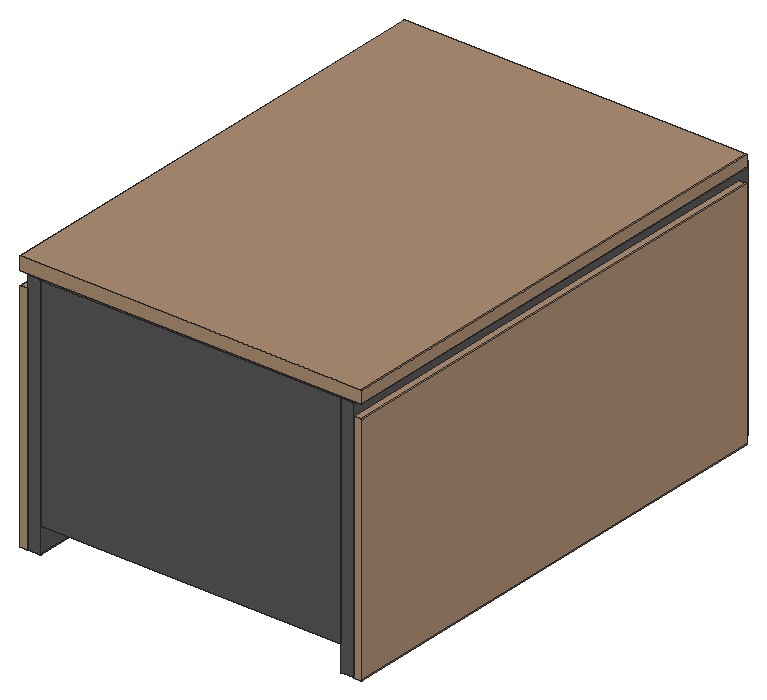
Revit family "Sanitary_Compound-Units_hansgrohe_54246XXX-Xilesa-E-Vanity-unit_430-330_handrise-basin_hinge-right", category Furniture, host Face, Revit 2022
Family settings
  Host = Face
  OmniClass Number = 23.21.19.15.33.13
  OmniClass Title = Residential Bathroom Specialty Casework
  Cut with Voids When Loaded = No
  Render Appearance Source = Family Geometry
  Shared = No
  Room Calculation Point = No
Parameters (values of type "550 Cashmere Oak")
  Version = 1  # constant formula
  URL = "https://www.hansgrohe.com/"
  Product data url = "https://www.bimobject.com/en/hansgrohe/product/54246XXX"
  Product Page URL = "https://www.hansgrohe.com/articledetail--54246550"
  Model = "54246XXX"  # constant formula
  Material 3 = Hansgrohe - Metal - Black
  Material 2 = Hansgrohe - MDF - Matt Black
  Material 1 = Hansgrohe - MDF - 550 Cashmere Oak
  Manufacturer = "Hansgrohe"  # constant formula
  Height = 0 mm
  Description = "Xilesa E Vanity unit 430/330 for handrinse basin, door hinge right"  # constant formula
  Default Elevation = 0 mm
  Date Updated = ""
  Date Created = "2024/02/03"  # constant formula
Types (5, lengths in mm): name | Material 1
  (no name) | Hansgrohe - MDF - 550 Cashmere Oak
  550 Cashmere Oak | Hansgrohe - MDF - 550 Cashmere Oak
  700 Matt White | Hansgrohe - MDF - 700 Matt White
  760 Slate Matt Grey | Hansgrohe - MDF - 760 Slate Matt Grey
  780 Sand Matt Beige | Hansgrohe - MDF - 780 Sand Matt Beige
Reference planes
  plane 1 "Center (Front/Back)": y = 0
  plane 2: z = 0
  plane 3 "Center (Left/Right)": x = 0
  plane 4: x = 215
  plane 5: x = -215
  plane 6: y = -620
  plane 7: z = 329
Dimensions and locks
  aligned and locked: plane 2 to host face
  aligned and locked: level to host face
Nested families
  nested 1: "54246XXX" at (0, -620, 0) x (1, 0, 0) z (0, 1, 0), Material 1 <- "Material 1", Material 2 <- "Material 2", Material 3 <- "Material 3", type "54246XXX"
    with Material 3 Hansgrohe - Metal - Black, Material 2 Hansgrohe - MDF - Matt Black, Material 1 Hansgrohe - MDF - 550 Cashmere Oak
Definition of nested family "54246XXX"
  Parameters (values of type "54246XXX")
    Version = 1  # constant formula
    URL = "https://www.hansgrohe.com/"
    Product data url = "https://www.bimobject.com/en/hansgrohe/product/54246XXX"
    Product Page URL = "https://www.hansgrohe.com/articledetail--54246550"
    Model = "54246XXX"  # constant formula
    Material 3 [instance] = none
    Material 2 [instance] = none
    Material 1 [instance] = none
    Manufacturer = "Hansgrohe"  # constant formula
    Description = "Xilesa E Vanity unit 430/330 for handrinse basin, door hinge right"  # constant formula
    Default Elevation = 1219.2 mm
    Date Updated = ""
    Date Created = "2024/12/16"  # constant formula
  Reference planes
    plane 1 "Center (Front/Back)": y = 0
    plane 2: z = 0
    plane 3 "Center (Left/Right)": x = 0
  Forms (mm)
    Extrusion 1, solid, material <- "Material 1", detail levels medium+fine
      sketch origin (0, 0, 0) x (1, 0, 0) y (0, 1, 0)
        loop
          line (-205.6, 0) -> (-214.2, 0)
          arc (-214.2, 0) -> (-214.766, -0.234) -> (-215, -0.8) r 0.8
          line (-215, -0.8) -> (-215, -293.9)
          arc (-215, -293.9) -> (-214.766, -294.466) -> (-214.2, -294.7) r 0.8
          line (-214.2, -294.7) -> (-205.6, -294.7)
          arc (-205.6, -294.7) -> (-205.034, -294.466) -> (-204.8, -293.9) r 0.8
          line (-204.8, -293.9) -> (-204.8, -0.8)
          arc (-204.8, -0.8) -> (-205.034, -0.234) -> (-205.6, 0) r 0.8
        loop
          arc (205.6, 0) -> (205.034, -0.234) -> (204.8, -0.8) r 0.8
          line (204.8, -0.8) -> (204.8, -293.9)
          arc (204.8, -293.9) -> (205.034, -294.466) -> (205.6, -294.7) r 0.8
          line (205.6, -294.7) -> (214.2, -294.7)
          arc (214.2, -294.7) -> (214.766, -294.466) -> (215, -293.9) r 0.8
          line (215, -293.9) -> (215, -0.8)
          arc (215, -0.8) -> (214.766, -0.234) -> (214.2, 0) r 0.8
          line (214.2, 0) -> (205.6, 0)
      from 0 to 605
    Extrusion 2, solid, material <- "Material 1", detail levels medium+fine
      sketch origin (0, 0, 0) x (1, 0, 0) y (0, 1, 0)
        loop
          line (-214.2, -328) -> (214.2, -328)
          arc (214.2, -328) -> (214.766, -327.766) -> (215, -327.2) r 0.8
          line (215, -327.2) -> (215, -312.5)
          arc (215, -312.5) -> (214.766, -311.934) -> (214.2, -311.7) r 0.8
          line (214.2, -311.7) -> (-214.2, -311.7)
          arc (-214.2, -311.7) -> (-214.766, -311.934) -> (-215, -312.5) r 0.8
          line (-215, -312.5) -> (-215, -327.2)
          arc (-215, -327.2) -> (-214.766, -327.766) -> (-214.2, -328) r 0.8
      from 0 to 605
    Extrusion 3, solid, material <- "Material 2", detail levels medium+fine
      sketch origin (0, 0, 0) x (1, 0, 0) y (0, 1, 0)
        loop
          line (-204.8, -0.8) -> (-204.8, -308.9)
          arc (-204.8, -308.9) -> (-204.566, -309.466) -> (-204, -309.7) r 0.8
          line (-204, -309.7) -> (-189.6, -309.7)
          arc (-189.6, -309.7) -> (-189.034, -309.466) -> (-188.8, -308.9) r 0.8
          line (-188.8, -308.9) -> (-188.8, -0.8)
          arc (-188.8, -0.8) -> (-189.034, -0.234) -> (-189.6, 0) r 0.8
          line (-189.6, 0) -> (-204, 0)
          arc (-204, 0) -> (-204.566, -0.234) -> (-204.8, -0.8) r 0.8
        loop
          arc (204.8, -0.8) -> (204.566, -0.234) -> (204, 0) r 0.8
          line (204, 0) -> (189.6, 0)
          arc (189.6, 0) -> (189.034, -0.234) -> (188.8, -0.8) r 0.8
          line (188.8, -0.8) -> (188.8, -308.9)
          arc (188.8, -308.9) -> (189.034, -309.466) -> (189.6, -309.7) r 0.8
          line (189.6, -309.7) -> (204, -309.7)
          arc (204, -309.7) -> (204.566, -309.466) -> (204.8, -308.9) r 0.8
          line (204.8, -308.9) -> (204.8, -0.8)
      from 0 to 620
    Extrusion 4, solid, material <- "Material 2", detail levels fine
      sketch origin (0, 0, 0) x (1, 0, 0) y (0, 1, 0)
        loop
          line (-188.8, -32.2) -> (-188.8, -48.2) -> (188.8, -48.2) -> (188.8, -32.2) -> (-188.8, -32.2)
      from 17 to 125.5
    Extrusion 5, solid, material <- "Material 2", detail levels fine
      sketch origin (0, 0, 0) x (1, 0, 0) y (0, 1, 0)
        loop
          line (-188.8, -32.2) -> (-188.8, -309.2) -> (188.8, -309.2) -> (188.8, -32.2) -> (-188.8, -32.2)
      from 0 to 17
    Extrusion 6, solid, material <- "Material 3", detail levels fine
      sketch origin (0, 0, 0) x (1, 0, 0) y (0, 1, 0)
        loop
          line (-187.3, -306.9) -> (-187.3, -279.2) -> (-188.8, -279.2) -> (-188.8, -306.9)
          arc (-188.8, -306.9) -> (-188.126, -308.526) -> (-186.5, -309.2) r 2.3
          line (-186.5, -309.2) -> (186.5, -309.2)
          arc (186.5, -309.2) -> (188.126, -308.526) -> (188.8, -306.9) r 2.3
          line (188.8, -306.9) -> (188.8, -279.2) -> (187.3, -279.2) -> (187.3, -306.9)
          arc (187.3, -306.9) -> (187.066, -307.466) -> (186.5, -307.7) r 0.8
          line (186.5, -307.7) -> (-186.5, -307.7)
          arc (-186.5, -307.7) -> (-187.066, -307.466) -> (-187.3, -306.9) r 0.8
      from 569.5 to 619.5
    Extrusion 7, solid, material <- "Material 1", detail levels coarse
      sketch origin (0, 0, 0) x (1, 0, 0) y (0, 1, 0)
        loop
          line (-215, 0) -> (-215, -328) -> (215, -328) -> (215, 0) -> (188.8, 0) -> (188.8, -311.7) -> (0, -311.7) -> (-188.8, -311.7) -> (-188.8, 0) -> (-215, 0)
      from 0 to 620
    Extrusion 8, solid, material <- "Material 3", detail levels fine
      sketch origin (45.2, -89.925, 0) x (-1, 0, 0) y (0, 0, -1)
        loop
          arc (-119.8, -482) -> (-120.972, -479.172) -> (-123.8, -478) r 4
          line (-123.8, -478) -> (-138.8, -478)
          arc (-138.8, -478) -> (-141.628, -479.172) -> (-142.8, -482) r 4
          line (-142.8, -482) -> (-142.8, -540)
          arc (-142.8, -540) -> (-141.628, -542.829) -> (-138.8, -544) r 4
          line (-138.8, -544) -> (-123.8, -544)
          arc (-123.8, -544) -> (-120.972, -542.829) -> (-119.8, -540) r 4
          line (-119.8, -540) -> (-119.8, -482)
      from 218.9 to 221.7
    Extrusion 9, solid, material <- "Material 3", detail levels fine
      sketch origin (45.2, -89.925, 0) x (0, 1, 0) y (0, 0, -1)
        loop
          arc (-149.706, -520.501) -> (-147.938, -519.768) -> (-147.206, -518.001) r 2.5
          line (-147.206, -518.001) -> (-147.206, -504.001)
          arc (-147.206, -504.001) -> (-147.938, -502.233) -> (-149.706, -501.501) r 2.5
          line (-149.706, -501.501) -> (-172.206, -501.501)
          arc (-172.206, -501.501) -> (-175.035, -500.329) -> (-176.206, -497.501) r 4
          line (-176.206, -497.501) -> (-176.206, -489.501)
          arc (-176.206, -489.501) -> (-176.938, -487.733) -> (-178.706, -487.001) r 2.5
          line (-178.706, -487.001) -> (-188.706, -487.001)
          arc (-188.706, -487.001) -> (-190.474, -487.733) -> (-191.206, -489.501) r 2.5
          line (-191.206, -489.501) -> (-191.206, -497.501)
          arc (-191.206, -497.501) -> (-192.378, -500.329) -> (-195.206, -501.501) r 4
          line (-195.206, -501.501) -> (-206.544, -501.501) -> (-206.544, -520.501) -> (-195.206, -520.501)
          arc (-195.206, -520.501) -> (-192.378, -521.672) -> (-191.206, -524.501) r 4
          line (-191.206, -524.501) -> (-191.206, -532.501)
          arc (-191.206, -532.501) -> (-190.474, -534.268) -> (-188.706, -535.001) r 2.5
          line (-188.706, -535.001) -> (-178.706, -535.001)
          arc (-178.706, -535.001) -> (-176.938, -534.268) -> (-176.206, -532.501) r 2.5
          line (-176.206, -532.501) -> (-176.206, -524.501)
          arc (-176.206, -524.501) -> (-175.035, -521.672) -> (-172.206, -520.501) r 4
          line (-172.206, -520.501) -> (-149.706, -520.501)
      from -143.8 to -140.45
    Extrusion 10, solid, material <- "Material 3", detail levels fine
      sketch origin (45.2, -89.925, 0) x (-1, 0, 0) y (0, -1, 0)
        loop
          line (-126.45, 219.2) -> (-140.45, 219.2) -> (-140.45, 147.206) -> (-138.299, 147.206) -> (-138.299, 155.486) -> (-133.066, 160.422) -> (-130.658, 160.187) -> (-126.45, 219.2)
      from 504.25 to 517.75
    Extrusion 11, solid, material <- "Material 3", detail levels fine
      sketch origin (45.2, -89.925, -417) x (-1, 0, 0) y (0, 0, -1)
        loop
          arc (-119.8, -482) -> (-120.972, -479.172) -> (-123.8, -478) r 4
          line (-123.8, -478) -> (-138.8, -478)
          arc (-138.8, -478) -> (-141.628, -479.172) -> (-142.8, -482) r 4
          line (-142.8, -482) -> (-142.8, -540)
          arc (-142.8, -540) -> (-141.628, -542.829) -> (-138.8, -544) r 4
          line (-138.8, -544) -> (-123.8, -544)
          arc (-123.8, -544) -> (-120.972, -542.829) -> (-119.8, -540) r 4
          line (-119.8, -540) -> (-119.8, -482)
      from 218.9 to 221.7
    Extrusion 12, solid, material <- "Material 3", detail levels fine
      sketch origin (45.2, -89.925, -417) x (0, 1, 0) y (0, 0, -1)
        loop
          arc (-149.706, -520.501) -> (-147.938, -519.768) -> (-147.206, -518.001) r 2.5
          line (-147.206, -518.001) -> (-147.206, -504.001)
          arc (-147.206, -504.001) -> (-147.938, -502.233) -> (-149.706, -501.501) r 2.5
          line (-149.706, -501.501) -> (-172.206, -501.501)
          arc (-172.206, -501.501) -> (-175.035, -500.329) -> (-176.206, -497.501) r 4
          line (-176.206, -497.501) -> (-176.206, -489.501)
          arc (-176.206, -489.501) -> (-176.938, -487.733) -> (-178.706, -487.001) r 2.5
          line (-178.706, -487.001) -> (-188.706, -487.001)
          arc (-188.706, -487.001) -> (-190.474, -487.733) -> (-191.206, -489.501) r 2.5
          line (-191.206, -489.501) -> (-191.206, -497.501)
          arc (-191.206, -497.501) -> (-192.378, -500.329) -> (-195.206, -501.501) r 4
          line (-195.206, -501.501) -> (-206.544, -501.501) -> (-206.544, -520.501) -> (-195.206, -520.501)
          arc (-195.206, -520.501) -> (-192.378, -521.672) -> (-191.206, -524.501) r 4
          line (-191.206, -524.501) -> (-191.206, -532.501)
          arc (-191.206, -532.501) -> (-190.474, -534.268) -> (-188.706, -535.001) r 2.5
          line (-188.706, -535.001) -> (-178.706, -535.001)
          arc (-178.706, -535.001) -> (-176.938, -534.268) -> (-176.206, -532.501) r 2.5
          line (-176.206, -532.501) -> (-176.206, -524.501)
          arc (-176.206, -524.501) -> (-175.035, -521.672) -> (-172.206, -520.501) r 4
          line (-172.206, -520.501) -> (-149.706, -520.501)
      from -143.8 to -140.45
    Extrusion 13, solid, material <- "Material 3", detail levels fine
      sketch origin (45.2, -89.925, -417) x (-1, 0, 0) y (0, -1, 0)
        loop
          line (-126.45, 219.2) -> (-140.45, 219.2) -> (-140.45, 147.206) -> (-138.299, 147.206) -> (-138.299, 155.486) -> (-133.066, 160.422) -> (-130.658, 160.187) -> (-126.45, 219.2)
      from 504.25 to 517.75
  Lines and regions (mm)
    Masking region 1
      outline origin (0, 0, 0) x (1, 0, 0) y (0, 1, 0)
        loop
          line (-189.6, 0) -> (-204.8, 0) -> (-214.2, 0)
          arc (-214.2, 0) -> (-214.766, -0.234) -> (-215, -0.8) r 0.8
          line (-215, -0.8) -> (-215, -293.9)
          arc (-215, -293.9) -> (-214.766, -294.466) -> (-214.2, -294.7) r 0.8
          line (-214.2, -294.7) -> (-204.8, -294.7) -> (-204.8, -311.7) -> (-214.2, -311.7)
          arc (-214.2, -311.7) -> (-214.766, -311.934) -> (-215, -312.5) r 0.8
          line (-215, -312.5) -> (-215, -327.2)
          arc (-215, -327.2) -> (-214.766, -327.766) -> (-214.2, -328) r 0.8
          line (-214.2, -328) -> (-45, -328) -> (214.2, -328)
          arc (214.2, -328) -> (214.766, -327.766) -> (215, -327.2) r 0.8
          line (215, -327.2) -> (215, -312.5)
          arc (215, -312.5) -> (214.766, -311.934) -> (214.2, -311.7) r 0.8
          line (214.2, -311.7) -> (204.8, -311.7) -> (204.8, -294.7) -> (214.2, -294.7)
          arc (214.2, -294.7) -> (214.766, -294.466) -> (215, -293.9) r 0.8
          line (215, -293.9) -> (215, -0.8)
          arc (215, -0.8) -> (214.766, -0.234) -> (214.2, 0) r 0.8
          line (214.2, 0) -> (204.8, 0) -> (189.6, 0)
          arc (189.6, 0) -> (189.034, -0.234) -> (188.8, -0.8) r 0.8
          line (188.8, -0.8) -> (188.8, -32.2) -> (-45, -32.2) -> (-188.8, -32.2) -> (-188.8, -0.8)
          arc (-188.8, -0.8) -> (-189.034, -0.234) -> (-189.6, 0) r 0.8
    Masking region 2
      outline origin (0, 0, 0) x (0, 1, 0) y (0, 0, 1)
        loop
          line (-0.8, 620) -> (-308.9, 620)
          arc (-308.9, 620) -> (-309.466, 619.766) -> (-309.7, 619.2) r 0.8
          line (-309.7, 619.2) -> (-309.7, 589.237) -> (-311.7, 589.237) -> (-311.7, 604.2)
          arc (-311.7, 604.2) -> (-311.934, 604.766) -> (-312.5, 605) r 0.8
          line (-312.5, 605) -> (-327.2, 605)
          arc (-327.2, 605) -> (-327.766, 604.766) -> (-328, 604.2) r 0.8
          line (-328, 604.2) -> (-328, 0.8)
          arc (-328, 0.8) -> (-327.766, 0.234) -> (-327.2, 0) r 0.8
          line (-327.2, 0) -> (-312.5, 0)
          arc (-312.5, 0) -> (-311.934, 0.234) -> (-311.7, 0.8) r 0.8
          line (-311.7, 0.8) -> (-311.7, 15.725) -> (-309.7, 15.725) -> (-309.7, 0.8)
          arc (-309.7, 0.8) -> (-309.466, 0.234) -> (-308.9, 0) r 0.8
          line (-308.9, 0) -> (-0.8, 0)
          arc (-0.8, 0) -> (-0.234, 0.234) -> (0, 0.8) r 0.8
          line (0, 0.8) -> (0, 619.2)
          arc (0, 619.2) -> (-0.234, 619.766) -> (-0.8, 620) r 0.8
    Masking region 3
      outline origin (0, 0, 0) x (1, 0, 0) y (0, 0, 1)
        loop
          line (-204.8, 605) -> (-215, 605) -> (-215, 0) -> (0, 0) -> (215, 0) -> (215, 605) -> (204.8, 605) -> (204.8, 619.5) -> (0, 619.5) -> (-204.8, 619.5) -> (-204.8, 605)
    symbolic lines, detail levels medium+fine
      curve 1: line (0, -48.2, 0) -> (-188.8, -48.2, 0)
      curve 2: line (-188.8, -32.2, 0) -> (-188.8, -309.2, 0)
      curve 3: line (-204.8, 0, 0) -> (-204.8, -294.7, 0)
      curve 4: line (-188.8, -309.2, 0) -> (0, -309.2, 0)
      curve 5: line (-204.8, -311.7, 0) -> (0, -311.7, 0)
      curve 6: line (-188.8, -309.2, 0) -> (-204.8, -309.2, 0)
      curve 9: line (0, -311.7, 589.237) -> (0, -311.7, 24.3)
      curve 10: line (0, -311.7, 24.3) -> (0, -309.7, 24.3)
      curve 11: line (0, -309.7, 24.3) -> (0, -309.7, 580.649)
      curve 12: line (0, -309.7, 580.649) -> (0, -311.7, 580.649)
      curve 13: line (0, -309.7, 24.3) -> (0, -309.7, 15.725)
      curve 14: line (0, -311.7, 24.3) -> (0, -311.7, 15.725)
      curve 15: line (0, -309.7, 589.237) -> (0, -309.7, 580.649)
      curve 19: line (-204.8, 0, 605) -> (204.8, 0, 605)
      curve 21: line (0, -48.2, 0) -> (188.8, -48.2, 0)
      curve 22: line (188.8, -32.2, 0) -> (188.8, -309.2, 0)
      curve 23: line (204.8, 0, 0) -> (204.8, -294.7, 0)
      curve 24: line (188.8, -309.2, 0) -> (0, -309.2, 0)
      curve 25: line (204.8, -311.7, 0) -> (0, -311.7, 0)
      curve 26: line (188.8, -309.2, 0) -> (204.8, -309.2, 0)
    symbolic lines, detail levels fine
      curve 7: line (0, -289.2, 0) -> (-188.8, -289.2, 0)
      curve 8: arc (-203.697, -309.2, 0) -> (-196.8, -311.7, 0) -> (-189.903, -309.2, 0) r 10.763
      curve 16: line (0, 0, 605) -> (0, -293.9, 605)
      curve 17: line (0, -294.7, 604.2) -> (0, -294.7, 0)
      curve 18: arc (0, -293.9, 605) -> (0, -294.466, 604.766) -> (0, -294.7, 604.2) r 0.8
      curve 20: line (-188.8, 0, 619.5) -> (-188.8, 0, 605)
      curve 27: line (0, -289.2, 0) -> (188.8, -289.2, 0)
      curve 28: arc (203.697, -309.2, 0) -> (196.8, -311.7, 0) -> (189.903, -309.2, 0) r 10.763
      curve 29: line (188.8, 0, 619.5) -> (188.8, 0, 605)
      curve 30: line (165, -311.7, 0) -> (165, -309.2, 0)
      curve 31: line (188, -311.7, 0) -> (188, -309.2, 0)
      curve 32: line (173.076, -289.2, 0) -> (175.857, -250.206, 0)
      curve 33: line (183.299, -237.206, 0) -> (188.8, -237.206, 0)
      curve 34: line (183.299, -245.486, 0) -> (183.299, -237.206, 0)
      curve 35: line (178.066, -250.422, 0) -> (183.299, -245.486, 0)
      curve 36: line (175.857, -250.206, 0) -> (178.066, -250.422, 0)
      curve 37: line (185.5, -237.206, 0) -> (185.5, -289.2, 0)
      curve 38: line (178.066, -250.422, 0) -> (185.5, -251.148, 0)
  Dimensions and locks
    aligned and locked: level to plane 2
